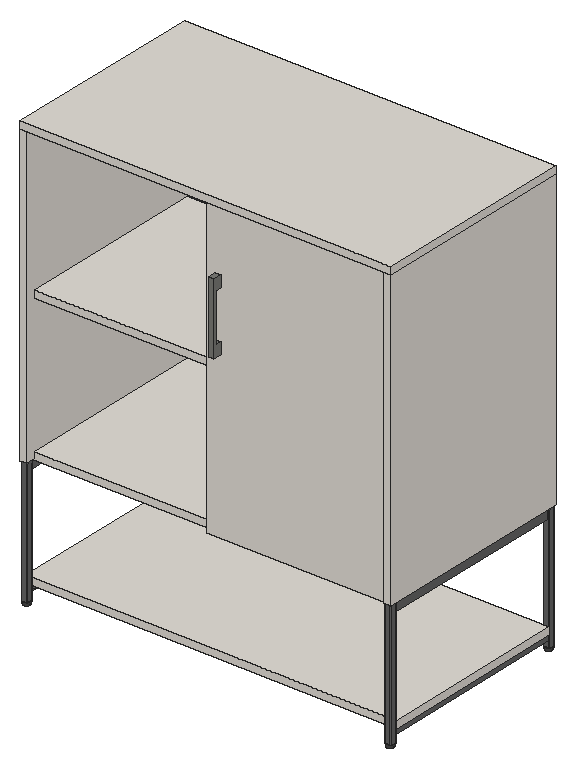
Revit family "Storage-Teknion-LWBOM_Byward_Open_Medium_Tower-R2022", category Furniture, Revit 2022 (continued)
Dimensions and locks (in)
  Sweep 15 sketch curve to Sweep 15 sketch curve to Sweep 15 sketch curve to plane 2 = 0.134" locked, 0.491" locked, 0.875" locked
  Sweep 16 sketch curve to Sweep 16 sketch curve to plane 2 = 0.134" locked, 1.366" locked
  plane 5 "Right" to Sweep 17 sketch curve to Sweep 17 sketch curve to Sweep 17 sketch curve to Sweep 17 sketch curve to Sweep 17 sketch curve = 0.216" locked, 0.134" locked, 0.100" locked, 0.000" locked, 2.266" locked
  Sweep 17 sketch curve to Sweep 17 sketch curve to Sweep 17 sketch curve to plane 2 = 0.134" locked, 0.491" locked, 0.875" locked
  Sweep 18 sketch curve to Sweep 18 sketch curve to plane 2 = 0.134" locked, 1.366" locked
  locked: Sweep 23 to curve 1  (x2)
  locked: curve 2 to Sweep 23 at 14.35625
  locked: plane 8 "Top" to Sweep 26 sketch curve at 0.6875
  locked: plane 8 "Top" to Sweep 25 sketch curve at 0.6875
  locked: Sweep 25 sketch curve to plane 2 at 12.5
  locked: Sweep 25 sketch curve to plane 5 "Right" at 0.6875
  locked: plane 6 "Back" to Sweep 19 sketch curve at 0.6875
  locked: plane 8 "Top" to Sweep 19 sketch curve at 0.6875
  locked: Sweep 19 sketch curve to plane 2 at 13.1875
  locked: plane 3 "Center Left/Right" to Sweep 19 sketch curve at 0.344
  locked: Sweep 19 sketch curve to plane 5 "Right" at 0.6875
  locked: plane 4 "Left" to Sweep 22 sketch curve at 0.6875
  locked: plane 8 "Top" to Sweep 22 sketch curve at 0.6875
  locked: Sweep 22 sketch curve to plane 2 at 12.5
  locked: plane 4 "Left" to Sweep 21 sketch curve at 0.688
  locked: Sweep 21 sketch curve to plane 5 "Right" at 0.6875
  locked: plane 7 "Front" to Sweep 21 sketch curve at 0.753
  locked: plane 6 "Back" to Sweep 14 sketch curve at 0.781
  locked: plane 7 "Front" to Sweep 14 sketch curve at 0.753
  Sweep 14 sketch curve to Sweep 14 sketch curve to plane 2 = 0.6875" locked, 1.500" locked
  locked: plane 7 "Front" to Sweep 10 sketch curve at 0.35606
  locked: Sweep 11 sketch curve to plane 6 "Back" at 0.42494
  locked: Sweep 1 sketch curve to plane 7 "Front" at 0.3549
  locked: plane 6 "Back" to Sweep 2 sketch curve at 0.4261
  locked: plane 7 "Front" to SweptBlend 13 sketch curve at 0.34897
  locked: SweptBlend 13 sketch curve to plane 2 at 0.25
  locked: Sweep 7 sketch curve to plane 1 "Center Front/Back" at 6.5932
  locked: plane 4 "Left" to Sweep 20 sketch curve at 0.688
  locked: Sweep 20 sketch curve to plane 5 "Right" at 0.6875
  locked: plane 6 "Back" to Sweep 20 sketch curve at 0.6875
  locked: plane 7 "Front" to Sweep 20 sketch curve at 0.82677
  Sweep 20 sketch curve to Sweep 20 sketch curve to plane 2 = 0.6875" locked, 26.5625" locked
  locked: SweptBlend 12 sketch curve to plane 6 "Back" at 0.43407
  locked: SweptBlend 12 sketch curve to plane 2 at 0.25
  locked: plane 7 "Front" to SweptBlend 4 sketch curve at 0.38635
  locked: plane 4 "Left" to SweptBlend 4 sketch curve at 0.3455
  locked: plane 4 "Left" to SweptBlend 4 sketch curve at 0.3464
  locked: plane 7 "Front" to SweptBlend 4 sketch curve at 0.38805
  locked: SweptBlend 4 sketch curve to plane 7 "Front" at 0.34781
  locked: SweptBlend 4 sketch curve to plane 2 at 0.25
  locked: plane 4 "Left" to SweptBlend 3 sketch curve at 0.33964
  locked: plane 6 "Back" to SweptBlend 3 sketch curve at 0.39473
  locked: plane 4 "Left" to SweptBlend 3 sketch curve at 0.34054
  locked: plane 6 "Back" to SweptBlend 3 sketch curve at 0.39499
  locked: SweptBlend 3 sketch curve to plane 2 at 0.25
  locked: plane 6 "Back" to SweptBlend 3 sketch curve at 0.43328
  locked: Sweep 8 sketch curve to plane 5 "Right" at 1.52269
  locked: Sweep 9 sketch curve to plane 5 "Right" at 1.26831
  locked: Sweep 17 sketch curve to plane 5 "Right" at 1.52269
  locked: plane 7 "Front" to Sweep 17 sketch curve at 0.589
  locked: plane 6 "Back" to Sweep 17 sketch curve at 0.617
  Sweep 18 sketch curve to Sweep 18 sketch curve to Sweep 18 sketch curve to plane 5 "Right" = 0.15195" locked, 1.97305" locked, 0.591" locked  (x2)
  locked: plane 7 "Front" to Sweep 18 sketch curve at 0.589
  locked: plane 6 "Back" to Sweep 18 sketch curve at 0.617
  locked: Sweep 18 sketch curve to plane 5 "Right" at 1.26831
  locked: Sweep 16 sketch curve to plane 4 "Left" at 1.27131
  plane 4 "Left" to Sweep 16 sketch curve to Sweep 16 sketch curve to Sweep 16 sketch curve = 0.594" locked, 1.97305" locked, 0.15195" locked  (x2)
  locked: plane 7 "Front" to Sweep 16 sketch curve at 0.589
  locked: plane 6 "Back" to Sweep 16 sketch curve at 0.617
  locked: plane 4 "Left" to Sweep 15 sketch curve at 1.52569
  locked: plane 6 "Back" to Sweep 15 sketch curve at 0.617
  locked: plane 7 "Front" to Sweep 15 sketch curve at 0.589
  locked: plane 4 "Left" to Sweep 5 sketch curve at 1.52569
  locked: plane 6 "Back" to Sweep 5 sketch curve at 0.617
  locked: plane 7 "Front" to Sweep 5 sketch curve at 0.589
  locked: Sweep 23 sketch curve to plane 4 "Left" at 0.7875
  locked: plane 8 "Top" to Sweep 23 sketch curve at 0.7875
  locked: Sweep 23 sketch curve to plane 2 at 12.5
  "Door Width": Sweep 23 sketch curve to plane 4 "Left"
  locked: plane 4 "Left" to Sweep 23 sketch curve at 7.156
  plane 7 "Front" to Sweep 23 sketch curve to Sweep 23 sketch curve = 0.07874" locked, 0.6875" locked
  locked: Sweep 24 sketch curve to plane 5 "Right" at 0.7875
  "Door Width": Sweep 24 sketch curve to plane 5 "Right"
  locked: Sweep 24 sketch curve to plane 2 at 12.5
  locked: plane 8 "Top" to Sweep 24 sketch curve at 0.7875
  locked: plane 6 "Back" to Sweep 8 sketch curve at 0.781
  locked: plane 7 "Front" to Sweep 8 sketch curve at 0.69016
  plane 11 to plane 5 "Right" = 7.7692"
  "Handle Dim 2": plane 9 to plane 4 "Left"
  plane 4 "Left" to plane 10 = 15.824"
  "Handle Dim 1": plane 12 to plane 5 "Right"
  locked: plane 9 to Sweep 30 sketch curve at 0.61155
  plane 8 "Top" to Sweep 30 sketch curve to Sweep 30 sketch curve = 6.500" locked, 7.000" locked
  plane 9 to Sweep 30 sketch curve to Sweep 30 sketch curve = 0.11155" locked, 0.500" locked
  locked: Sweep 30 sketch curve to plane 7 "Front" at 0.75
  plane 9 to Sweep 31 sketch curve to Sweep 31 sketch curve = 0.08016" locked, 0.462" locked
  locked: plane 9 to Sweep 31 sketch curve at 0.54809
  plane 8 "Top" to Sweep 31 sketch curve to Sweep 31 sketch curve = 7.67539" locked, 4.64921" locked
  plane 8 "Top" to Sweep 32 sketch curve to Sweep 32 sketch curve = 6.500" locked, 7.000" locked
  plane 8 "Top" to Sweep 33 sketch curve to Sweep 33 sketch curve = 7.67539" locked, 4.64921" locked
  plane 12 to Sweep 32 sketch curve to Sweep 32 sketch curve = 0.11187" locked, 0.500" locked
  locked: Sweep 32 sketch curve to plane 7 "Front" at 0.75
  plane 12 to Sweep 33 sketch curve to Sweep 33 sketch curve = 0.08031" locked, 0.462" locked
  locked: Sweep 33 sketch curve to plane 7 "Front" at 0.68226
  locked: Sweep 34 sketch curve to plane 7 "Front" at 1.39862
  plane 9 to Sweep 34 sketch curve to Sweep 34 sketch curve = 0.08878" locked, 0.47244" locked
  plane 8 "Top" to Sweep 34 sketch curve to Sweep 34 sketch curve = 6.24016" locked, 7.51969" locked
  Sweep 36 sketch curve to Sweep 36 sketch curve to plane 12 = 0.47244" locked, 0.08878" locked
  plane 8 "Top" to Sweep 36 sketch curve to Sweep 36 sketch curve = 6.24016" locked, 7.51969" locked
  locked: plane 9 to Sweep 34 sketch curve at 0.325
  plane 8 "Top" to Sweep 35 sketch curve to Sweep 35 sketch curve = 7.05138" locked, 5.89724" locked
  locked: plane 7 "Front" to Sweep 35 sketch curve at 1.02362
  plane 9 to Sweep 35 sketch curve to Sweep 35 sketch curve = 0.075" locked, 0.500" locked
  locked: Sweep 36 sketch curve to plane 12 at 0.325
  locked: Sweep 36 sketch curve to plane 7 "Front" at 1.39862
  plane 8 "Top" to Sweep 37 sketch curve to Sweep 37 sketch curve = 7.05138" locked, 5.89724" locked
  locked: plane 7 "Front" to Sweep 37 sketch curve at 1.02362
  Sweep 37 sketch curve to Sweep 37 sketch curve to plane 12 = 0.500" locked, 0.075" locked
  Sweep 27 sketch curve to plane 3 "Center Left/Right" to Sweep 27 sketch curve = 0.34375" locked, 0.34375" locked
  Sweep 29 sketch curve to plane 7 "Front" to Sweep 29 sketch curve = 0.71179" locked, 0.72521" locked
  plane 8 "Top" to Sweep 29 sketch curve to Sweep 29 sketch curve = 5.50559" locked, 8.98883" locked
  locked: plane 7 "Front" to Sweep 29 sketch curve at 0.01387
  plane 3 "Center Left/Right" to Sweep 29 sketch curve to Sweep 29 sketch curve = 0.059" locked, 0.16002" locked
  locked: plane 7 "Front" to Sweep 28 sketch curve at 0.01387
  Sweep 28 sketch curve to Sweep 28 sketch curve to plane 3 "Center Left/Right" = 0.16002" locked, 0.059" locked
  Sweep 28 sketch curve to plane 7 "Front" to Sweep 28 sketch curve = 0.72521" locked, 0.71179" locked
  plane 8 "Top" to Sweep 28 sketch curve to Sweep 28 sketch curve = 5.50559" locked, 8.98883" locked
  locked: Sweep 27 sketch curve to plane 6 "Back" at 0.6875
  locked: plane 8 "Top" to Sweep 27 sketch curve at 0.6875
  locked: Sweep 27 sketch curve to plane 2 at 13.1875
  locked: plane 7 "Front" to Sweep 27 sketch curve at 0.86524
  locked: Sweep 38 sketch curve to Sweep 38 sketch curve at 12.175
  Sweep 38 sketch curve to plane 3 "Center Left/Right" to Sweep 38 sketch curve = 0.3125" locked, 0.3125" locked
  plane 6 "Back" to Sweep 38 sketch curve to Sweep 38 sketch curve = 0.1705" locked, 0.625" locked
  locked: plane 6 "Back" to Sweep 7 sketch curve at 0.48254
  locked: SweptBlend 39 sketch curve to plane 2 at 0.25
  locked: plane 6 "Back" to SweptBlend 39 sketch curve at 0.52391
  locked: plane 6 "Back" to SweptBlend 39 sketch curve at 0.48342
  locked: plane 6 "Back" to SweptBlend 39 sketch curve at 0.48172
  locked: plane 6 "Back" to Sweep 40 sketch curve at 0.6875
  locked: Sweep 40 sketch curve to plane 4 "Left" at 0.6875
  locked: Sweep 40 sketch curve to plane 3 "Center Left/Right" at 0.344
  locked: Sweep 40 sketch curve to plane 2 at 13.1875
  locked: plane 8 "Top" to Sweep 40 sketch curve at 0.6875
  Sweep 41 sketch curve to Sweep 41 sketch curve to level = 0.060" locked, 12.440" locked
  Sweep 41 sketch curve to Sweep 41 sketch curve to plane 3 "Center Left/Right" to Sweep 41 sketch curve to Sweep 41 sketch curve = 0.66468" locked, 1.86786" locked, 1.86786" locked, 0.66468" locked
  plane 6 "Back" to Sweep 41 sketch curve to Sweep 41 sketch curve = 0.8555" locked, 1.20409" locked
  Sweep 42 sketch curve to Sweep 42 sketch curve to plane 3 "Center Left/Right" = 0.04243" locked, 2.53254" locked
  locked: plane 6 "Back" to Sweep 42 sketch curve at 3.12047
  plane 6 "Back" to Sweep 42 sketch curve to Sweep 42 sketch curve = 0.81671" locked, 2.32497" locked
  Sweep 42 sketch curve to Sweep 42 sketch curve to plane 2 = 0.313" locked, 12.187" locked
  Sweep 43 sketch curve to Sweep 43 sketch curve to plane 2 = 0.313" locked, 12.187" locked
  Sweep 43 sketch curve to Sweep 43 sketch curve to plane 6 "Back" = 2.32497" locked, 0.81671" locked
  plane 3 "Center Left/Right" to Sweep 43 sketch curve to Sweep 43 sketch curve = 2.53254" locked, 0.04243" locked
  locked: plane 6 "Back" to Sweep 43 sketch curve at 3.12047
  Sweep 44 sketch curve to Sweep 44 sketch curve to plane 2 = 0.940" locked, 11.500" locked
  Sweep 44 sketch curve to plane 3 "Center Left/Right" to Sweep 44 sketch curve = 0.250" locked, 0.250" locked
  plane 6 "Back" to Sweep 44 sketch curve to Sweep 44 sketch curve = 0.7955" locked, 0.060" locked
  Sweep 45 sketch curve to Sweep 45 sketch curve to plane 3 "Center Left/Right" = 0.04243" locked, 2.53254" locked
  plane 3 "Center Left/Right" to Sweep 46 sketch curve to Sweep 46 sketch curve = 2.53254" locked, 0.04243" locked
  Sweep 47 sketch curve to Sweep 47 sketch curve to plane 2 = 0.940" locked, 0.500" locked
  plane 6 "Back" to Sweep 45 sketch curve to Sweep 45 sketch curve = 0.81671" locked, 2.32497" locked
  locked: Sweep 45 sketch curve to plane 2 at 1.5
  locked: Sweep 45 sketch curve to plane 2 at 0.5
  locked: plane 6 "Back" to Sweep 45 sketch curve at 3.12047
  plane 6 "Back" to Sweep 47 sketch curve to Sweep 47 sketch curve = 0.7955" locked, 0.060" locked
  Sweep 47 sketch curve to plane 3 "Center Left/Right" to Sweep 47 sketch curve = 0.22515" locked, 0.22515" locked
  locked: plane 6 "Back" to Sweep 46 sketch curve at 3.12047
  Sweep 46 sketch curve to Sweep 46 sketch curve to plane 2 = 0.94278" locked, 0.49722" locked
  Sweep 46 sketch curve to Sweep 46 sketch curve to plane 6 "Back" = 2.30739" locked, 0.83429" locked
  Sweep 48 sketch curve to Sweep 48 sketch curve to plane 2 = 0.060" locked, 1.440" locked
  Sweep 48 sketch curve to Sweep 48 sketch curve to plane 3 "Center Left/Right" to Sweep 48 sketch curve to Sweep 48 sketch curve = 0.66468" locked, 1.86786" locked, 1.86786" locked, 0.66468" locked
  plane 6 "Back" to Sweep 48 sketch curve to Sweep 48 sketch curve = 0.8555" locked, 1.20409" locked
  locked: plane 8 "Top" to plane 13 "Handle Hori." at 9.14916
  aligned and locked: level to plane 2
  aligned and locked: Sweep 14 sketch curve to plane 4 "Left"
  aligned and locked: plane 5 "Right" to Sweep 14 sketch curve
  aligned and locked: Sweep 26 sketch curve to plane 1 "Center Front/Back"
  aligned and locked: plane 8 "Top" to Sweep 26 sketch curve
  aligned and locked: Sweep 26 sketch curve to plane 4 "Left"
  aligned and locked: Sweep 26 sketch curve to plane 7 "Front"
  aligned and locked: Sweep 26 sketch curve to plane 6 "Back"
  aligned and locked: plane 5 "Right" to Sweep 26 sketch curve
  aligned and locked: plane 7 "Front" to Sweep 25 sketch curve
  aligned and locked: plane 6 "Back" to Sweep 25 sketch curve
  aligned and locked: plane 1 "Center Front/Back" to Sweep 25 sketch curve
  aligned and locked: plane 5 "Right" to Sweep 25 sketch curve
  aligned and locked: Sweep 19 sketch curve to plane 3 "Center Left/Right"
  aligned and locked: plane 6 "Back" to Sweep 19 sketch curve
  aligned and locked: plane 1 "Center Front/Back" to Sweep 22 sketch curve
  aligned and locked: plane 4 "Left" to Sweep 22 sketch curve
  aligned and locked: Sweep 22 sketch curve to plane 6 "Back"
  aligned and locked: Sweep 22 sketch curve to plane 7 "Front"
  aligned and locked: Sweep 21 sketch curve to plane 6 "Back"
  aligned and locked: Sweep 14 sketch curve to plane 1 "Center Front/Back"
  aligned and locked: plane 2 to SweptBlend 13 sketch curve
  aligned and locked: plane 3 "Center Left/Right" to Sweep 20 sketch curve
  aligned and locked: plane 2 to SweptBlend 12 sketch curve
  aligned and locked: plane 2 to SweptBlend 4 sketch curve
  aligned and locked: plane 2 to SweptBlend 3 sketch curve
  aligned and locked: Sweep 30 sketch curve to plane 7 "Front"
  aligned and locked: plane 7 "Front" to Sweep 31 sketch curve
  aligned and locked: plane 12 to Sweep 32 sketch curve
  aligned and locked: plane 7 "Front" to Sweep 32 sketch curve
  aligned and locked: Sweep 33 sketch curve to plane 12
  aligned and locked: Sweep 33 sketch curve to plane 7 "Front"
  aligned and locked: plane 7 "Front" to Sweep 35 sketch curve
  aligned and locked: plane 7 "Front" to Sweep 34 sketch curve
  aligned and locked: Sweep 35 sketch curve to plane 7 "Front"
  aligned and locked: plane 7 "Front" to Sweep 36 sketch curve
  aligned and locked: Sweep 37 sketch curve to plane 7 "Front"
  aligned and locked: plane 7 "Front" to Sweep 37 sketch curve
  aligned and locked: plane 1 "Center Front/Back" to Sweep 27 sketch curve
  aligned and locked: Masking region 1 sketch curve to plane 6 "Back"
  aligned and locked: Masking region 1 sketch curve to Sweep 26  (x3)
  aligned and locked: Masking region 2 sketch curve to cut or joined group of Sweep 34, Sweep 35, Sweep 37  (x4)
  aligned and locked: Masking region 3 sketch curve to cut or joined group of Sweep 36, Sweep 37  (x4)
  aligned and locked: Masking region 4 sketch curve to cut or joined group of Sweep 30, Sweep 31, Sweep 37  (x4)
  aligned and locked: Masking region 5 sketch curve to cut or joined group of Sweep 32, Sweep 33  (x4)
  aligned and locked: Masking region 6 sketch curve to Sweep 28  (x4)
  aligned and locked: Masking region 7 sketch curve to Sweep 29  (x4)
  aligned and locked: Masking region 10 to Masking region 11 sketch curve
  aligned and locked: Masking region 12 sketch curve to Masking region 8  (x9)
  aligned and locked: nested 2 to plane 7 "Front"
  aligned and locked: nested 2 to Sweep 23  (x2)
  aligned and locked: plane 7 "Front" to nested 1
  aligned and locked: nested 1 to Sweep 24  (x2)
  aligned and locked: curve 9 to Sweep 24
  aligned and locked: plane 3 "Center Left/Right" to Sweep 7 sketch curve
  aligned and locked: plane 2 to SweptBlend 39 sketch curve
  aligned and locked: plane 3 "Center Left/Right" to SweptBlend 39 sketch curve  (x2)
  aligned and locked: Sweep 40 sketch curve to plane 3 "Center Left/Right"
  aligned and locked: plane 6 "Back" to Sweep 40 sketch curve
  aligned and locked: plane 3 "Center Left/Right" to Sweep 41 sketch curve
  aligned and locked: plane 3 "Center Left/Right" to Sweep 44 sketch curve
  aligned and locked: plane 3 "Center Left/Right" to Sweep 47 sketch curve
  aligned and locked: plane 3 "Center Left/Right" to Sweep 48 sketch curve
  aligned and locked: nested 3 to plane 7 "Front"
  aligned and locked: nested 3 to plane 12
  aligned and locked: nested 4 to plane 13 "Handle Hori."
  aligned and locked: nested 3 to plane 13 "Handle Hori."
  aligned and locked: nested 4 to plane 7 "Front"
  aligned and locked: nested 4 to plane 9
  aligned and locked: nested 5 to plane 12
  aligned and locked: plane 7 "Front" to nested 6
  aligned and locked: nested 5 to plane 7 "Front"
  aligned and locked: nested 6 to plane 9
  aligned and locked: plane 8 "Top" to nested 5
  aligned and locked: nested 6 to plane 8 "Top"
  aligned and locked: curve 13 to cut or joined group of Sweep 5, Sweep 6, Sweep 9
  aligned and locked: curve 14 to cut or joined group of Sweep 5, Sweep 6, Sweep 9
  aligned and locked: curve 15 to cut or joined group of Sweep 5, Sweep 6, Sweep 9
  aligned and locked: curve 16 to cut or joined group of Sweep 5, Sweep 6, Sweep 9
  aligned and locked: curve 17 to cut or joined group of Sweep 5, Sweep 6, Sweep 9
  aligned and locked: curve 18 to cut or joined group of Sweep 5, Sweep 6, Sweep 9
  aligned and locked: curve 19 to cut or joined group of Sweep 5, Sweep 6, Sweep 9
  aligned and locked: curve 20 to cut or joined group of Sweep 5, Sweep 6, Sweep 9
  aligned and locked: curve 22 to cut or joined group of Sweep 5, Sweep 6, Sweep 9
  aligned and locked: curve 23 to Sweep 7
  aligned and locked: curve 24 to Sweep 7
  aligned and locked: curve 25 to SweptBlend 3
  aligned and locked: curve 26 to SweptBlend 3
  aligned and locked: curve 27 to SweptBlend 3
  aligned and locked: curve 28 to SweptBlend 3
  aligned and locked: curve 29 to cut or joined group of Sweep 8, Sweep 9
  aligned and locked: curve 30 to cut or joined group of Sweep 17, Sweep 18
  aligned and locked: curve 31 to cut or joined group of Sweep 17, Sweep 18
  aligned and locked: curve 32 to cut or joined group of Sweep 17, Sweep 18
  aligned and locked: curve 33 to cut or joined group of Sweep 8, Sweep 9
  aligned and locked: curve 34 to cut or joined group of Sweep 8, Sweep 9
  aligned and locked: curve 35 to cut or joined group of Sweep 17, Sweep 18
  aligned and locked: curve 36 to cut or joined group of Sweep 8, Sweep 9
  aligned and locked: curve 37 to cut or joined group of Sweep 8, Sweep 9
  aligned and locked: curve 38 to cut or joined group of Sweep 8, Sweep 9
  aligned and locked: curve 39 to Sweep 7
  aligned and locked: curve 40 to Sweep 7
  aligned and locked: curve 41 to SweptBlend 12
  aligned and locked: curve 42 to SweptBlend 12
  aligned and locked: curve 43 to SweptBlend 12
  aligned and locked: curve 44 to SweptBlend 12
  aligned and locked: curve 45 to Sweep 7
  aligned and locked: curve 46 to Sweep 7
  aligned and locked: curve 47 to SweptBlend 13
  aligned and locked: curve 48 to SweptBlend 13
  aligned and locked: curve 49 to SweptBlend 13
  aligned and locked: curve 50 to SweptBlend 13
  aligned and locked: curve 51 to Sweep 7
  aligned and locked: curve 52 to Sweep 7
  aligned and locked: curve 53 to SweptBlend 4
  aligned and locked: curve 54 to SweptBlend 4
  aligned and locked: curve 55 to SweptBlend 4
  aligned and locked: curve 56 to SweptBlend 4
  aligned and locked: curve 61 to cut or joined group of Sweep 2, Sweep 6, Sweep 9
  aligned and locked: curve 62 to cut or joined group of Sweep 2, Sweep 6, Sweep 9
  aligned and locked: curve 63 to cut or joined group of Sweep 2, Sweep 6, Sweep 9
  aligned and locked: curve 64 to cut or joined group of Sweep 2, Sweep 6, Sweep 9
  aligned and locked: curve 66 to Sweep 11
  aligned and locked: curve 68 to Sweep 11
  aligned and locked: curve 70 to Sweep 11
  aligned and locked: curve 72 to Sweep 11
  aligned and locked: curve 74 to Sweep 10
  aligned and locked: curve 76 to Sweep 10
  aligned and locked: curve 78 to Sweep 10
  aligned and locked: curve 80 to Sweep 10
  aligned and locked: curve 85 to cut or joined group of Sweep 1, Sweep 6, Sweep 9
  aligned and locked: curve 86 to cut or joined group of Sweep 1, Sweep 6, Sweep 9
  aligned and locked: curve 87 to cut or joined group of Sweep 1, Sweep 6, Sweep 9
  aligned and locked: curve 88 to cut or joined group of Sweep 1, Sweep 6, Sweep 9
  aligned and locked: curve 89 to Sweep 22
  aligned and locked: curve 90 to Sweep 22
  aligned and locked: curve 91 to Sweep 22
  aligned and locked: curve 92 to Sweep 22
  aligned and locked: curve 93 to Sweep 25
  aligned and locked: curve 94 to Sweep 25
  aligned and locked: curve 95 to Sweep 25
  aligned and locked: curve 96 to Sweep 25
  aligned and locked: curve 97 to Sweep 27
  aligned and locked: curve 98 to Sweep 27
  aligned and locked: curve 99 to Sweep 27
  aligned and locked: curve 100 to Sweep 7
  aligned and locked: curve 101 to Sweep 7
  aligned and locked: curve 102 to SweptBlend 39
  aligned and locked: curve 103 to SweptBlend 39
  aligned and locked: curve 104 to SweptBlend 39
  aligned and locked: curve 105 to SweptBlend 39
  aligned and locked: curve 106 to Sweep 38
  aligned and locked: curve 107 to Sweep 38
  aligned and locked: curve 108 to Sweep 38
  aligned and locked: curve 109 to Sweep 38
  aligned and locked: curve 110 to Sweep 41
  aligned and locked: curve 111 to Sweep 41
  aligned and locked: curve 112 to Sweep 41
  aligned and locked: curve 113 to Sweep 41
  aligned and locked: curve 114 to Sweep 41
  aligned and locked: curve 115 to Sweep 41
  aligned and locked: curve 116 to Sweep 41
  aligned and locked: curve 117 to Sweep 41
  aligned and locked: curve 118 to Sweep 42
  aligned and locked: curve 119 to Sweep 43
  aligned and locked: curve 120 to Sweep 42
  aligned and locked: curve 121 to Sweep 43
  aligned and locked: curve 122 to Sweep 42
  aligned and locked: curve 123 to Sweep 43
  aligned and locked: curve 124 to Sweep 19
  aligned and locked: curve 125 to Sweep 40
  aligned and locked: curve 126 to Sweep 40
  aligned and locked: curve 127 to Sweep 19
  aligned and locked: curve 128 to Sweep 14
  aligned and locked: curve 129 to Sweep 14
  aligned and locked: curve 130 to Sweep 23
  aligned and locked: curve 131 to Sweep 23
  aligned and locked: curve 132 to Sweep 23
  aligned and locked: curve 133 to Sweep 23
  aligned and locked: curve 134 to Sweep 24
  aligned and locked: curve 135 to Sweep 24
  aligned and locked: curve 136 to Sweep 24
  aligned and locked: curve 137 to Sweep 24
  aligned and locked: plane 4 "Left" to nested 7
  aligned and locked: nested 7 to plane 6 "Back"
  aligned and locked: nested 9 to plane 5 "Right"
  aligned and locked: nested 9 to plane 6 "Back"
  aligned and locked: plane 7 "Front" to nested 10
  aligned and locked: nested 10 to plane 5 "Right"
  aligned and locked: plane 1 "Center Front/Back" to nested 8
  aligned and locked: plane 3 "Center Left/Right" to nested 8
  aligned and locked: plane 7 "Front" to nested 11
  aligned and locked: nested 11 to plane 4 "Left"
Automatic sketch dimensions
  plane 10 to curve 6 = 1.52817"
  plane 4 "Left" to curve 2 = 0.7875"
  curve 7 to plane 8 "Top" = 0.7875"
  plane 11 to curve 7 = 3.52664"
  plane 11 to curve 8 = 3.52664"
  plane 11 to curve 3 = 0.52664"
  plane 5 "Right" to curve 8 = 0.7875"
  curve 8 to curve 2 = 0.000"
  curve 6 to curve 1 = 0.000"
  curve 7 to curve 3 = 0.39375"
  plane 4 "Left" to Sweep 6 sketch curve = 1.27131"
  Sweep 16 sketch curve to Sweep 16 sketch curve = 0.100"  (x2)
  Sweep 16 sketch curve to Sweep 16 sketch curve = 0.94122"
  Sweep 16 sketch curve to Sweep 16 sketch curve = 0.22997"  (x2)
  Sweep 16 sketch curve to Sweep 16 sketch curve = 1.17119"
  Sweep 16 sketch curve to Sweep 16 sketch curve = 0.250"
  Sweep 16 sketch curve to Sweep 16 sketch curve = 0.000"
  Sweep 18 sketch curve to Sweep 18 sketch curve = 0.100"  (x2)
  Sweep 18 sketch curve to Sweep 18 sketch curve = 0.94122"
  Sweep 18 sketch curve to Sweep 18 sketch curve = 0.22997"  (x2)
  Sweep 18 sketch curve to Sweep 18 sketch curve = 1.17119"
  Sweep 18 sketch curve to Sweep 18 sketch curve = 0.250"  (x2)
  Sweep 18 sketch curve to Sweep 18 sketch curve = 0.000"  (x2)
  Sweep 21 sketch curve to plane 1 "Center Front/Back" = 0.000"
  level to Sweep 21 sketch curve = 12.500"
  Sweep 21 sketch curve to Sweep 21 sketch curve = 0.6875"
  plane 11 to Sweep 24 sketch curve = 0.05814"
  Sweep 24 sketch curve to plane 7 "Front" = 0.07874"
  Sweep 24 sketch curve to Sweep 24 sketch curve = 0.6875"
  profile plane to Sweep 28 sketch curve = 0.40599"
  profile plane to Sweep 28 sketch curve = 0.40597"
  Sweep 28 sketch curve to Sweep 28 sketch curve = 0.31972"  (x2)
  profile plane to Sweep 29 sketch curve = 0.40599"
  profile plane to Sweep 29 sketch curve = 0.40597"
  Sweep 29 sketch curve to Sweep 29 sketch curve = 0.31972"  (x2)
  profile plane to Sweep 30 sketch curve = 0.50655"
  Sweep 30 sketch curve to profile plane = 0.00655"
  Sweep 31 sketch curve to profile plane = 0.000"
  Sweep 31 sketch curve to profile plane = 0.0626"
  Sweep 31 sketch curve to Sweep 31 sketch curve = 0.02972"
  Sweep 31 sketch curve to Sweep 31 sketch curve = 0.55562"
  profile plane to Sweep 32 sketch curve = 0.61842"
  profile plane to Sweep 32 sketch curve = 0.10533"
  Sweep 33 sketch curve to Sweep 33 sketch curve = 0.40533"
  Sweep 33 sketch curve to Sweep 33 sketch curve = 0.0626"
  Sweep 33 sketch curve to Sweep 33 sketch curve = 0.02972"
  profile plane to Sweep 34 sketch curve = 0.07877"  (x2)
  Sweep 34 sketch curve to profile plane = 0.07877"  (x2)
  Sweep 35 sketch curve to Sweep 35 sketch curve = 0.29012"  (x2)
  Sweep 35 sketch curve to Sweep 35 sketch curve = 0.0128"  (x2)
  profile plane to Sweep 36 sketch curve = 0.07877"  (x2)
  Sweep 36 sketch curve to profile plane = 0.07877"  (x2)
  Sweep 37 sketch curve to Sweep 37 sketch curve = 0.29012"  (x2)
  Sweep 37 sketch curve to Sweep 37 sketch curve = 0.0128"  (x2)
  Masking region 8 sketch curve to Masking region 8 sketch curve = 0.1385"
  plane 7 "Front" to Masking region 8 sketch curve = 0.00137"
  Masking region 8 sketch curve to Masking region 8 sketch curve = 0.00247"
  Masking region 8 sketch curve to Masking region 8 sketch curve = 0.00176"
  plane 7 "Front" to Masking region 8 sketch curve = 0.33553"
  Masking region 8 sketch curve to Masking region 8 sketch curve = 0.13943"
  plane 7 "Front" to Masking region 9 sketch curve = 0.85843"
  Masking region 10 sketch curve to Masking region 10 sketch curve = 0.85843"
  Masking region 11 sketch curve to Masking region 11 sketch curve = 0.53423"
  Sweep 38 sketch curve to plane 6 "Back" = 0.50344"
  level to Sweep 38 sketch curve = 0.325"
  profile plane to Sweep 41 sketch curve = 0.22515"
  profile plane to Sweep 41 sketch curve = 0.09988"
  Sweep 41 sketch curve to profile plane = 0.09988"
  Sweep 41 sketch curve to profile plane = 0.22515"
  Sweep 42 sketch curve to Sweep 42 sketch curve = 0.04243"
  Sweep 42 sketch curve to profile plane = 0.000"
  profile plane to Sweep 42 sketch curve = 3.250"
  Sweep 42 sketch curve to Sweep 42 sketch curve = 0.038"
  level to Sweep 42 sketch curve = 11.500"
  Sweep 42 sketch curve to Sweep 42 sketch curve = 0.687"
  Sweep 42 sketch curve to Sweep 42 sketch curve = 0.313"
  Sweep 43 sketch curve to Sweep 43 sketch curve = 0.04243"
  Sweep 43 sketch curve to profile plane = 0.000"
  Sweep 43 sketch curve to profile plane = 3.250"
  Sweep 43 sketch curve to Sweep 43 sketch curve = 0.038"
  Sweep 43 sketch curve to Sweep 43 sketch curve = 0.687"
  Sweep 44 sketch curve to Sweep 44 sketch curve = 0.02485"  (x2)
  curve 7 to plane 8 "Top" = 15.14375"
  level to curve 5 = 12.500"
  curve 2 to plane 3 "Center Left/Right" = 0.059"
  Sweep 45 sketch curve to Sweep 45 sketch curve = 0.04243"
  Sweep 46 sketch curve to Sweep 46 sketch curve = 0.04243"
  Sweep 45 sketch curve to profile plane = 0.000"
  Sweep 45 sketch curve to Sweep 45 sketch curve = 0.038"
  Sweep 45 sketch curve to Sweep 45 sketch curve = 0.313"
  Sweep 47 sketch curve to Sweep 47 sketch curve = 0.02485"  (x2)
  Sweep 46 sketch curve to profile plane = 0.000"
  Sweep 46 sketch curve to profile plane = 3.26315"
  Sweep 46 sketch curve to Sweep 46 sketch curve = 0.68978"
  Sweep 48 sketch curve to profile plane = 0.22515"
  Sweep 48 sketch curve to profile plane = 0.09988"
  profile plane to Sweep 48 sketch curve = 0.09988"
  profile plane to Sweep 48 sketch curve = 0.22515"
  plane 7 "Front" to Masking region 8 sketch curve = 0.33575"
  Masking region 8 sketch curve to plane 7 "Front" = 0.00227"
  Masking region 11 sketch curve to plane 10 = 0.101"
  Masking region 11 sketch curve to plane 9 = 0.500"
  plane 7 "Front" to Masking region 10 sketch curve = 0.000"
  Masking region 10 sketch curve to plane 10 = 0.101"
  Masking region 10 sketch curve to plane 9 = 0.500"
  plane 7 "Front" to Masking region 9 sketch curve = 0.000"
  plane 12 to Masking region 9 sketch curve = 0.500"
  Masking region 9 sketch curve to plane 12 = 0.500"
  plane 12 to Masking region 8 sketch curve = 0.66123"
  Masking region 8 sketch curve to Masking region 8 sketch curve = 0.00927"
  Masking region 8 sketch curve to plane 12 = 0.5117"
  Masking region 8 sketch curve to plane 7 "Front" = 0.00199"
  Masking region 8 sketch curve to Masking region 8 sketch curve = 0.0106"
  curve 16 to plane 6 "Back" = 1.56281"
  curve 21 to plane 7 "Front" = 1.53481"
  curve 11 to plane 7 "Front" = 0.07874"
  curve 18 to curve 11 = 5.57683"
  plane 11 to curve 11 = 0.52664"
  curve 33 to plane 6 "Back" = 1.56281"
  curve 32 to curve 30 = 0.225"
  curve 10 to plane 5 "Right" = 2.2125"
  curve 36 to curve 29 = 0.22539"
  curve 115 to curve 122 = 0.01757"
  curve 123 to curve 114 = 0.01757"
  curve 124 to plane 6 "Back" = 0.000"
  curve 125 to plane 6 "Back" = 0.000"
  curve 12 to curve 11 = 0.000"
  plane 11 to curve 12 = 0.52664"
  curve 133 to curve 20 = 0.04776"
  curve 137 to curve 9 = 0.000"
  radius of SweptBlend 3 sketch curve = 0.336"
  radius of SweptBlend 3 sketch curve = 0.376"
  radius of SweptBlend 4 sketch curve = 0.336"
  radius of SweptBlend 4 sketch curve = 0.376"
  radius of Sweep 7 sketch curve = 0.12489"  (x4)
  radius of Sweep 7 sketch curve = 0.12498"
  radius of SweptBlend 12 sketch curve = 0.336"
  radius of SweptBlend 12 sketch curve = 0.376"
  radius of SweptBlend 13 sketch curve = 0.33598"
  radius of SweptBlend 13 sketch curve = 0.37442"
  radius of SweptBlend 39 sketch curve = 0.336"
  radius of SweptBlend 39 sketch curve = 0.376"
Nested families (in)
  nested 1: "Door-Swing_Symbol-Teknion-2D" at (7.85782, -6.48732, 0), visible <- "Right Door Visibility", type "Standard"
    with Swing Width 17.1535", Door Thickness 0.688"
  nested 2: "Door-Swing_Symbol-Teknion-2D" at (-9.41368, -6.48732, 0) x (-1, 0, 0) z (0, 0, 1), visible <- "Left Door Visibility", type "Standard"
    with Swing Width 17.1535", Door Thickness 0.688"
  nested 3: "Byward Pull Handle" at (0.79707, -6.48732, -30.14916), visible <- "Right Byward Pull Handle", Handle Leather Finish <- "Handle Leather Finish", Handle Paint Finish <- "Metal Leg  & Handle Finish", type "Byward Pull"
    with To render please download texture images found here "https://assets.teknion.com/web/5e81352c1dfdb467/revit-material-swatches/", How To Use Teknion Materials User Guide "https://assets.teknion.com/m/205dd0a49fa58060/original/How-to-add-a-Material-Library-and-Texture-Images-to-your-Revit-project.pdf", Handle Paint Finish Paint - Teknion - Mica - Anthracite, Handle Leather Finish Leather-Teknion-B72-Black, For Additional Finishes please visit "https://assets.teknion.com/m/44a8009b046e5d47/original/Teknion_Materials_Library.zip"
  nested 4: "Byward Pull Handle" at (-2.35293, -6.48732, -30.14916) x (-1, 0, 0) z (0, 0, 1), visible <- "Left Byward Pull Handle", Handle Leather Finish <- "Handle Leather Finish", Handle Paint Finish <- "Metal Leg  & Handle Finish", type "Byward Pull"
    with To render please download texture images found here "https://assets.teknion.com/web/5e81352c1dfdb467/revit-material-swatches/", How To Use Teknion Materials User Guide "https://assets.teknion.com/m/205dd0a49fa58060/original/How-to-add-a-Material-Library-and-Texture-Images-to-your-Revit-project.pdf", Handle Paint Finish Paint - Teknion - Mica - Anthracite, Handle Leather Finish Leather-Teknion-B72-Black, For Additional Finishes please visit "https://assets.teknion.com/m/44a8009b046e5d47/original/Teknion_Materials_Library.zip"
  nested 5: "Accessories-Teknion-Byward_Handle-R2018" at (0.79707, -6.91653, -7), Handle Leather Finish <- "Handle Leather Finish", Handle Paint Finish <- "Metal Leg  & Handle Finish", visible <- "Right Byward Tab Handle", type "Byward Handle"
    with To render please download texture images found here "https://assets.teknion.com/web/5e81352c1dfdb467/revit-material-swatches/", How To Use Teknion Materials User Guide "https://assets.teknion.com/m/205dd0a49fa58060/original/How-to-add-a-Material-Library-and-Texture-Images-to-your-Revit-project.pdf", Handle Paint Finish Paint - Teknion - Mica - Anthracite, Handle Leather Finish Leather-Teknion-B72-Black, For Additional Finishes please visit "https://assets.teknion.com/m/44a8009b046e5d47/original/Teknion_Materials_Library.zip"
  nested 6: "Accessories-Teknion-Byward_Handle-R2018" at (-2.35293, -6.91653, -7) x (-1, 0, 0) z (0, 0, 1), visible <- "Left Byward Tab Handle", Handle Leather Finish <- "Handle Leather Finish", Handle Paint Finish <- "Metal Leg  & Handle Finish", type "Byward Handle"
    with To render please download texture images found here "https://assets.teknion.com/web/5e81352c1dfdb467/revit-material-swatches/", How To Use Teknion Materials User Guide "https://assets.teknion.com/m/205dd0a49fa58060/original/How-to-add-a-Material-Library-and-Texture-Images-to-your-Revit-project.pdf", Handle Paint Finish Paint - Teknion - Mica - Anthracite, Handle Leather Finish Leather-Teknion-B72-Black, For Additional Finishes please visit "https://assets.teknion.com/m/44a8009b046e5d47/original/Teknion_Materials_Library.zip"
  nested 7: "Teknion_2D_Node_Family-R2021" at (-18.77793, 13.51268, 0), type "Teknion_2D_Node_Family-R2021"
  nested 8: "Teknion_2D_Node_Family-R2021" at (-0.77793, 3.51268, 0), type "Teknion_2D_Node_Family-R2021"
  nested 9: "Teknion_2D_Node_Family-R2021" at (17.22207, 13.51268, 0), type "Teknion_2D_Node_Family-R2021"
  nested 10: "Teknion_2D_Node_Family-R2021" at (17.22207, -6.48732, 0), type "Teknion_2D_Node_Family-R2021"
  nested 11: "Teknion_2D_Node_Family-R2021" at (-18.77793, -6.48732, 0), type "Teknion_2D_Node_Family-R2021"
Definition of nested family "Byward Pull Handle"
  Parameters (values of type "Byward Pull")
    Width = 0.000"
    Warranty = "http://www.teknion.com/ca/papers/legal-canada"
    Unit Weight URL = "http://www.teknion.com/ca/tools/assets#&asset=bee6a381-b954-425e-8283-5a2de3a804f2,f828d448-4b62-4231-9e5f-9a8991c0ed77"
    URL = "www.teknion.com"
    To render please download texture images found here [instance] = "https://assets.teknion.com/web/5e81352c1dfdb467/revit-material-swatches/"
    Sustainability Data = "https://www.teknion.com/ca/tools/assets#&topic=216f99a5-57a0-44fc-b10a-9dee9b29ae4c&asset=444deb64-fe58-4b68-981e-f75e97781df7,b4ff2d81-9f2e-437d-9659-7cffb09c31cf"
    Series = ""
    Product Page URL = ""
    Product Line = ""
    Product Documentation Link = ""
    Part Number = ""
    Model = "1"
    Manufacturer Phone = "416-661-3370"  # constant formula
    Manufacturer Fax = "416.661.4586"  # constant formula
    Manufacturer Contact Information = "http://www.teknion.com/ca/contactus"
    Manufacturer Address = "1150 Flint Road, Toronto, ON. M3J 2J5. Canada"  # constant formula
    Manufacturer = "Teknion"  # constant formula
    Length = 0.000"
    How To Use Teknion Materials User Guide [instance] = "https://assets.teknion.com/m/205dd0a49fa58060/original/How-to-add-a-Material-Library-and-Texture-Images-to-your-Revit-project.pdf"
    Height = 63.000"
    Handle Paint Finish [instance] = none
    Handle Leather Finish [instance] = none
    For Additional Finishes please visit [instance] = "https://assets.teknion.com/m/44a8009b046e5d47/original/Teknion_Materials_Library.zip"
    Depth = 0.000"
    Default Elevation = 0.000"
    Byward Pull Handle = yes
    Assembly Code = "E2020200"
  Reference planes (in)
    plane 1 "Center Front/Back": y = 0
    plane 2: z = 0
    plane 3 "Center Left/Right": x = 0
    plane 4 "Left": x = -51
    plane 5 "Right": x = 51
    plane 6 "Back": y = 41.78173
    plane 7 "Front": y = -41.78173
    plane 8 "Top": z = 63
  Forms (in)
    Sweep 1, solid, material <- "Handle Leather Finish", visible <- "Byward Pull Handle"
      path origin (-23.441, 20.8797, 44.30147) x (0, -1, 0) y (1, 0, 0)
        loop
          line (3, 22.941) -> (3, 23.941)
      profile origin (0, 17.8797, 44.30147) x (0, 1, 0) y (0, 0, 1)
        loop
          line (-18.1947, 15.89549) -> (-18.1947, 15.19814)
          arc (-18.1947, 15.19814) -> (-18.15679, 15.10663) -> (-18.06527, 15.06872) r 0.12943
          line (-18.06527, 15.06872) -> (-18.00913, 15.06872)
          arc (-18.00913, 15.06872) -> (-17.91544, 15.10879) -> (-17.8797, 15.20421) r 0.12956
          line (-17.8797, 15.20421) -> (-17.8797, 15.89549) -> (-17.97813, 15.89549) -> (-17.97813, 15.19814)
          arc (-17.97813, 15.19814) -> (-17.9872, 15.17622) -> (-18.00913, 15.16714) r 0.031
          line (-18.00913, 15.16714) -> (-18.06527, 15.16714)
          arc (-18.06527, 15.16714) -> (-18.0872, 15.17622) -> (-18.09627, 15.19814) r 0.031
          line (-18.09627, 15.19814) -> (-18.09627, 15.89549) -> (-18.11823, 16.46083)
          spline (-18.11823, 16.46083) -> (-18.1996, 17.12545) -> (-18.24784, 17.53202) -> (-18.27391, 17.78142) -> (-18.2887, 17.97395) -> (-18.29939, 18.17376) -> (-18.30725, 18.38749) -> (-18.31302, 18.61667) -> (-18.3155, 18.87083) -> (-18.3067, 19.18701) -> (-18.27717, 19.60814) -> (-18.2175, 20.17714) -> (-18.11823, 20.93695)
          line (-18.11823, 20.93695) -> (-18.0967, 21.50033) -> (-18.0967, 22.1985)
          arc (-18.0967, 22.1985) -> (-18.0875, 22.22072) -> (-18.06527, 22.22992) r 0.03143
          line (-18.06527, 22.22992) -> (-18.00913, 22.22992)
          arc (-18.00913, 22.22992) -> (-17.9869, 22.22072) -> (-17.9777, 22.1985) r 0.03143
          line (-17.9777, 22.1985) -> (-17.9777, 21.50158) -> (-17.8797, 21.50158) -> (-17.8797, 22.18392)
          arc (-17.8797, 22.18392) -> (-17.91216, 22.28504) -> (-18.00913, 22.32835) r 0.1302
          line (-18.00913, 22.32835) -> (-18.06527, 22.32835)
          arc (-18.06527, 22.32835) -> (-18.16224, 22.28504) -> (-18.1947, 22.18392) r 0.1302
          line (-18.1947, 22.18392) -> (-18.1947, 21.51146) -> (-18.21666, 20.93695)
          spline (-18.21666, 20.93695) -> (-18.31592, 20.17714) -> (-18.3756, 19.60814) -> (-18.40512, 19.18701) -> (-18.41393, 18.87083) -> (-18.41145, 18.61667) -> (-18.40567, 18.38749) -> (-18.39782, 18.17376) -> (-18.38713, 17.97395) -> (-18.37234, 17.78142) -> (-18.34627, 17.53202) -> (-18.29802, 17.12545) -> (-18.21666, 16.46083)
          line (-18.21666, 16.46083) -> (-18.1947, 15.89549)
    Sweep 2, solid, material <- "Handle Paint Finish", visible <- "Byward Pull Handle"
      path origin (-23.441, 14.77998, 43.51407) x (1, 0, 0) y (0, 1, 0)
        loop
          line (22.941, -14.77998) -> (22.941, -15.09525) -> (23.941, -15.09525) -> (23.941, -14.77998)
      profile origin (0, -0.31528, 43.51407) x (0, 1, 0) y (0, 0, 1)
        loop
          spline (-0.15539, 22.88984) -> (-0.15002, 22.84517) -> (-0.14562, 22.80093) -> (-0.1422, 22.75711) -> (-0.13975, 22.71372) -> (-0.13828, 22.67076) -> (-0.1378, 22.62822) -> (-0.13828, 22.58611) -> (-0.13975, 22.54443) -> (-0.1422, 22.50318) -> (-0.14562, 22.46235) -> (-0.15002, 22.42195) -> (-0.15539, 22.38198)
          line (-0.15539, 22.38198) -> (-0.09815, 22.38048) -> (-0.09815, 22.30226) -> (-0.02024, 22.30022) -> (-0.02024, 22.97161) -> (-0.09815, 22.96957) -> (-0.09815, 22.89134) -> (-0.15539, 22.88984)
        loop
          spline (-0.15539, 16.59107) -> (-0.15002, 16.5464) -> (-0.14562, 16.50215) -> (-0.1422, 16.45834) -> (-0.13975, 16.41495) -> (-0.13828, 16.37198) -> (-0.1378, 16.32945) -> (-0.13828, 16.28734) -> (-0.13975, 16.24566) -> (-0.1422, 16.20441) -> (-0.14562, 16.16358) -> (-0.15002, 16.12318) -> (-0.15539, 16.08321)
          line (-0.15539, 16.08321) -> (-0.09815, 16.08171) -> (-0.09815, 16.00349) -> (-0.02024, 16.00145) -> (-0.02024, 16.67284) -> (-0.09815, 16.6708) -> (-0.09815, 16.59257) -> (-0.15539, 16.59107)
  Lines and regions (in)
    Masking region 1
      outline origin (-1.575, 0, 0) x (1, 0, 0) y (0, 1, 0)
        loop
          line (1.075, -0.53423) -> (2.075, -0.53423) -> (2.075, 0.00078) -> (1.075, 0.00078) -> (1.075, -0.53423)
    Masking region 2
      outline origin (-1.575, 0, 0) x (1, 0, 0) y (0, 1, 0)
        loop
          line (0.91961, -0.47067) -> (2.23039, -0.47067) -> (2.23039, 0) -> (2.09524, 0) -> (2.09524, -0.33552) -> (1.05476, -0.33552) -> (1.05476, 0) -> (0.91961, 0) -> (0.91961, -0.47067)
    symbolic lines, detail levels medium+fine
      curve 1: line (-0.5, -0.098, 0) -> (0.5, -0.098, 0)
      curve 2: line (0.5, -0.217, 0) -> (-0.5, -0.217, 0)
      curve 3: line (0.5, -0.23853, 0) -> (-0.5, -0.23853, 0)
      curve 4: line (-0.5, -0.315, 0) -> (0.5, -0.315, 0)
      curve 5: line (-0.59815, 0, 0) -> (-0.59815, -0.41343, 0)
      curve 6: line (0.59815, -0.41343, 0) -> (0.59815, 0, 0)
      curve 7: line (-0.59815, -0.41343, 0) -> (0.59815, -0.41343, 0)
      curve 8: line (-0.65539, -0.47067, 0) -> (-0.52024, -0.33552, 0)
      curve 9: line (-0.52024, -0.33552, 0) -> (0.52024, -0.33552, 0)
      curve 10: line (0.52024, -0.33552, 0) -> (0.65539, -0.47067, 0)
  Dimensions and locks (in)
    plane 4 "Left" to plane 5 "Right" = 102.000"
    plane 6 "Back" to plane 7 "Front" = 83.56345"
    "Height": plane 8 "Top" to level
    locked: Sweep 1 sketch curve to Sweep 1 sketch curve at 1
    Sweep 2 sketch curve to Sweep 2 sketch curve to Sweep 2 sketch curve = 0.31528", 0.000" locked
    locked: Sweep 2 sketch curve to Sweep 2 sketch curve at 1
    Sweep 1 sketch curve to Sweep 1 sketch curve to Sweep 1 sketch curve to Sweep 1 sketch curve to Sweep 1 sketch curve to Sweep 1 sketch curve to Sweep 1 sketch curve to Sweep 1 sketch curve to Sweep 1 sketch curve to Sweep 1 sketch curve = 0.000" locked, 0.098" locked, 0.00043" locked, 0.11815" locked, 0.00043" locked, 0.02153", 0.07647" locked, 0.000" locked, 0.02196" locked
    Sweep 1 sketch curve to Sweep 1 sketch curve to Sweep 1 sketch curve to Sweep 1 sketch curve to Sweep 1 sketch curve to Sweep 1 sketch curve = 0.09843" locked, 0.72835" locked, 5.60609" locked, 0.72835" locked, 0.09843" locked
    Sweep 2 sketch curve to Sweep 2 sketch curve to Sweep 2 sketch curve to Sweep 2 sketch curve to Sweep 2 sketch curve to Sweep 2 sketch curve to Sweep 2 sketch curve to Sweep 2 sketch curve = 0.000" locked, 0.05725" locked, 0.000" locked, 0.000" locked, 0.000" locked, 0.07791" locked, 0.000" locked
    Sweep 2 sketch curve to Sweep 2 sketch curve to Sweep 2 sketch curve to Sweep 2 sketch curve to Sweep 2 sketch curve to Sweep 2 sketch curve to Sweep 2 sketch curve to Sweep 2 sketch curve = 0.08026" locked, 0.51086" locked, 0.08026" locked, 5.62738" locked, 0.08026" locked, 0.51086" locked, 0.08026" locked
    aligned and locked: level to plane 2
  Automatic sketch dimensions
    plane 3 "Center Left/Right" to Sweep 1 sketch curve = 0.500"
    Sweep 1 sketch curve to plane 1 "Center Front/Back" = 17.8797"
    Sweep 1 sketch curve to Sweep 1 sketch curve = 0.000"  (x9)
    profile plane to Sweep 1 sketch curve = 18.21666"
    Sweep 1 sketch curve to Sweep 1 sketch curve = 0.031"  (x2)
    Sweep 1 sketch curve to Sweep 1 sketch curve = 0.03143"  (x2)
    profile plane to Sweep 1 sketch curve = 15.06872"
    Sweep 1 sketch curve to Sweep 1 sketch curve = 0.00014"
    Sweep 1 sketch curve to Sweep 1 sketch curve = 0.56534"
    Sweep 1 sketch curve to Sweep 1 sketch curve = 0.56462"
    Sweep 1 sketch curve to Sweep 1 sketch curve = 0.00124"
    Sweep 1 sketch curve to Sweep 1 sketch curve = 0.01112"
    Sweep 1 sketch curve to Sweep 1 sketch curve = 0.01457"  (x2)
    Sweep 2 sketch curve to plane 3 "Center Left/Right" = 0.500"
    plane 1 "Center Front/Back" to Sweep 2 sketch curve = 0.31528"
    profile plane to Sweep 2 sketch curve = 0.15539"
    profile plane to Sweep 2 sketch curve = 16.00145"
    Sweep 2 sketch curve to Sweep 2 sketch curve = 0.00204"  (x4)
    Sweep 2 sketch curve to Sweep 2 sketch curve = 0.0015"  (x4)
    Masking region 1 sketch curve to plane 1 "Center Front/Back" = 0.00078"
    Masking region 1 sketch curve to plane 3 "Center Left/Right" = 0.500"
    Masking region 1 sketch curve to Masking region 1 sketch curve = 1.000"
    plane 1 "Center Front/Back" to Masking region 1 sketch curve = 0.53423"
    Masking region 2 sketch curve to plane 1 "Center Front/Back" = 0.000"  (x2)
    Masking region 2 sketch curve to plane 3 "Center Left/Right" = 0.65539"
    plane 1 "Center Front/Back" to Masking region 2 sketch curve = 0.47067"
    Masking region 2 sketch curve to Masking region 2 sketch curve = 1.31079"
    Masking region 2 sketch curve to Masking region 2 sketch curve = 0.13515"  (x3)
    curve 5 to plane 1 "Center Front/Back" = 0.000"
    curve 6 to plane 1 "Center Front/Back" = 0.000"
    curve 7 to plane 3 "Center Left/Right" = 0.59815"
    curve 5 to curve 9 = 0.07791"  (x2)
    curve 8 to curve 6 = 1.11839"
    curve 8 to curve 5 = 0.05725"  (x2)
    curve 8 to curve 4 = 0.02024"
    curve 3 to curve 4 = 0.000"
    curve 2 to curve 3 = 0.000"
    curve 1 to curve 2 = 0.000"  (x2)
    curve 2 to curve 6 = 0.09815"
    curve 4 to curve 2 = 0.000"
    curve 3 to curve 2 = 0.000"
    plane 1 "Center Front/Back" to curve 10 = 0.33552"
    curve 4 to curve 10 = 0.02024"
    plane 1 "Center Front/Back" to curve 10 = 0.47067"
    curve 6 to curve 10 = 0.05725"
    curve 8 to curve 4 = 0.02052"
    curve 4 to curve 3 = 0.07647"
    curve 3 to curve 2 = 0.02153"
    plane 1 "Center Front/Back" to curve 1 = 0.098"
Definition of nested family "Accessories-Teknion-Byward_Handle-R2018"
  Parameters (values of type "Byward Handle")
    Warranty = "http://www.teknion.com/ca/papers/legal-canada"
    Unit Weight URL = "http://www.teknion.com/ca/tools/assets#&asset=bee6a381-b954-425e-8283-5a2de3a804f2,f828d448-4b62-4231-9e5f-9a8991c0ed77"
    URL = "www.teknion.com"
    To render please download texture images found here [instance] = "https://assets.teknion.com/web/5e81352c1dfdb467/revit-material-swatches/"
    Sustainability Data = "https://www.teknion.com/ca/tools/assets#&topic=216f99a5-57a0-44fc-b10a-9dee9b29ae4c&asset=444deb64-fe58-4b68-981e-f75e97781df7,b4ff2d81-9f2e-437d-9659-7cffb09c31cf"
    Series = "Litewood"  # constant formula
    Product Page URL = "https://www.teknion.com/ca/products/all-products"
    Product Line = "Litewood"  # constant formula
    Product Documentation Link = "https://assets.teknion.com/m/2907dbaaaca18007/original/Byward-Reference-Guide.pdf"
    Model = "Byward Handle"
    Manufacturer Phone = "416-661-3370"  # constant formula
    Manufacturer Fax = "416.661.4586"  # constant formula
    Manufacturer Contact Information = "http://www.teknion.com/ca/contactus"
    Manufacturer Address = "1150 Flint Road, Toronto, ON. M3J 2J5. Canada"  # constant formula
    Manufacturer = "Teknion"  # constant formula
    Left Door Single Handle = yes
    How To Use Teknion Materials User Guide [instance] = "https://assets.teknion.com/m/205dd0a49fa58060/original/How-to-add-a-Material-Library-and-Texture-Images-to-your-Revit-project.pdf"
    Handle Paint Finish [instance] = none
    Handle Leather Finish [instance] = none
    For Additional Finishes please visit [instance] = "https://assets.teknion.com/m/44a8009b046e5d47/original/Teknion_Materials_Library.zip"
    Description = "Byward Handle"
    Default Elevation = 0.000"
    Assembly Code = "E2020200"
  Reference planes (in)
    plane 1 "Center Front/Back": y = 0
    plane 2: z = 0
    plane 3 "Center Left/Right": x = 0
    plane 4 "Left": x = -0.65705
    plane 5 "Right": x = 0.65705
    plane 6 "Back": y = 0.42921
    plane 7 "Front": y = -0.42921
    plane 8 "Top": z = 49
  Forms (in)
    Sweep 1, solid, material <- "Handle Leather Finish"
      path origin (-4.63018, 6.91771, 22.03026) x (1, 0, 0) y (0, 1, 0)
        loop
          line (4.13018, -7.1032) -> (5.13018, -7.1032)
      profile origin (0, -0.18549, 22.03026) x (0, 1, 0) y (0, 0, 1)
        loop
          line (0.50628, 21.27357) -> (0.40785, 21.27357) -> (0.40785, 18.95074)
          arc (0.40785, 18.95074) -> (0.13124, 18.67413) -> (-0.14537, 18.95074) r 0.27661
          arc (-0.14537, 18.95074) -> (-0.09403, 19.31656) -> (0.05602, 19.65413) r 1.32907
          arc (0.05602, 19.65413) -> (0.11752, 19.74156) -> (0.17522, 19.83156) r 2.49364
          arc (0.17522, 19.83156) -> (0.34133, 20.21237) -> (0.39785, 20.62397) r 1.51654
          line (0.39785, 20.62397) -> (0.39785, 21.32131)
          arc (0.39785, 21.32131) -> (0.40693, 21.34323) -> (0.42885, 21.35231) r 0.031
          line (0.42885, 21.35231) -> (0.48528, 21.35231)
          arc (0.48528, 21.35231) -> (0.5072, 21.34323) -> (0.51628, 21.32131) r 0.031
          line (0.51628, 21.32131) -> (0.51628, 20.62417) -> (0.6147, 20.62417) -> (0.6147, 21.34457)
          arc (0.6147, 21.34457) -> (0.56823, 21.41989) -> (0.48528, 21.45074) r 0.13618
          line (0.48528, 21.45074) -> (0.42885, 21.45074)
          arc (0.42885, 21.45074) -> (0.33734, 21.41283) -> (0.29943, 21.32131) r 0.12943
          line (0.29943, 21.32131) -> (0.29943, 20.62387)
          arc (0.29943, 20.62387) -> (0.23415, 20.19986) -> (0.04434, 19.81512) r 1.40962
          arc (0.04434, 19.81512) -> (-0.11062, 19.54129) -> (-0.21043, 19.2429) r 1.63968
          arc (-0.21043, 19.2429) -> (-0.23537, 19.09776) -> (-0.24372, 18.95074) r 1.29857
          arc (-0.24372, 18.95074) -> (0.13128, 18.57574) -> (0.50628, 18.95074) r 0.375
          line (0.50628, 18.95074) -> (0.50628, 21.27357)
    Sweep 2, solid, material <- "Handle Paint Finish"
      path origin (-4.63018, 7.42921, 22.03026) x (1, 0, 0) y (0, 0, 1)
        loop
          line (4.63018, 21.35231) -> (4.63018, 20.66385)
      profile origin (0, 7.42921, 43.03834) x (0, -1, 0) y (1, 0, 0)
        loop
          line (7, -0.65705) -> (7.39036, -0.64265)
          arc (7.39036, -0.64265) -> (7.44292, -0.62039) -> (7.46737, -0.56882) r 0.08022
          line (7.46737, -0.56882) -> (7.46737, 0.56882)
          arc (7.46737, 0.56882) -> (7.44292, 0.62039) -> (7.39036, 0.64265) r 0.08022
          line (7.39036, 0.64265) -> (7, 0.65705) -> (7, -0.65705)
  Lines and regions (in)
    Masking region 1, visible <- "Left Door Single Handle"
      outline origin (-4.63308, 6.91771, 0) x (1, 0, 0) y (0, 1, 0)
        loop
          line (4.13018, -7.34692) -> (5.13018, -7.34692) -> (5.13018, -6.95587) -> (4.13018, -6.95587) -> (4.13018, -7.34692)
    Masking region 2, visible <- "Left Door Single Handle"
      outline origin (-4.63308, 6.91771, 0) x (1, 0, 0) y (0, 1, 0)
        loop
          line (3.97312, -6.4885) -> (3.98752, -6.87886)
          arc (3.98752, -6.87886) -> (4.00978, -6.93142) -> (4.06135, -6.95587) r 0.08022
          line (4.06135, -6.95587) -> (5.199, -6.95587)
          arc (5.199, -6.95587) -> (5.25057, -6.93142) -> (5.27283, -6.87886) r 0.08022
          line (5.27283, -6.87886) -> (5.28723, -6.4885) -> (3.97312, -6.4885)
  Dimensions and locks (in)
    plane 4 "Left" to plane 5 "Right" = 1.3141"
    plane 6 "Back" to plane 7 "Front" = 0.85843"
    plane 8 "Top" to level = 49.000"
    locked: Sweep 1 sketch curve to Sweep 1 sketch curve at 1
    Sweep 2 sketch curve to Sweep 2 sketch curve to Sweep 2 sketch curve to Sweep 2 sketch curve to Sweep 2 sketch curve to Sweep 2 sketch curve = 0.0144" locked, 0.08016" locked, 1.12498" locked, 0.08016" locked, 0.0144" locked
    Sweep 2 sketch curve to Sweep 2 sketch curve to Sweep 2 sketch curve = 0.07997" locked, 0.000" locked
    aligned and locked: level to plane 2
Definition of nested family "Door-Swing_Symbol-Teknion-2D"
  Parameters (values of type "Standard")
    Swing Width [instance] = 26.000"
    Door Thickness [instance] = 2.000"
    Assembly Code = ""
  Reference planes (in)
    plane 1 "Center (Front/Back)": y = 0
    plane 2: z = 0
    plane 3 "Center (Left/Right)": x = 0
    plane 4: x = -13
    plane 5: x = 13
  Lines and regions (in)
    Masking region 1, in view "Ref. Level"
      outline origin (0, 0, 0) x (1, 0, 0) y (0, 1, 0)
        loop
          line (11, 0) -> (11, -26) -> (13, -26) -> (13, 0) -> (11, 0)
    detail lines, in view "Ref. Level"
      curve 1: line (13, 0, 0) -> (13, -26, 0)
      curve 2: arc (-13, 0, 0) -> (-5.38478, -18.38478, 0) -> (13, -26, 0) r 26
  Dimensions and locks (in)
    equal spacing: plane 4, plane 3 "Center (Left/Right)", plane 5
    "Swing Width": plane 4 to plane 5
    "Swing Width": curve 1 to plane 1 "Center (Front/Back)"
    "Swing Width": Masking region 1 sketch curve to Masking region 1 sketch curve
    "Door Thickness": Masking region 1 sketch curve to Masking region 1 sketch curve
    "Swing Width": radius of curve 2
    aligned and locked: plane 1 "Center (Front/Back)" to curve 1
    aligned and locked: plane 1 "Center (Front/Back)" to Masking region 1 sketch curve
    aligned and locked: Masking region 1 sketch curve to plane 5
  Automatic sketch dimensions
    curve 2 to plane 4 = 0.000"
Definition of nested family "Teknion_2D_Node_Family-R2021"
  Reference planes (in)
    plane 1 "Center (Front/Back)": y = 0
    plane 2: z = 0
    plane 3 "Center (Left/Right)": x = 0
  Lines and regions (in)
    detail lines, in view "Ref. Level"
      curve 1: circle (0, 0, 0) r 1.25 normal (0, 0, 1)
      curve 2: line (1.91508, -1.91508, 0) -> (-1.91508, 1.91508, 0)
      curve 3: line (-1.91508, -1.91508, 0) -> (1.91508, 1.91508, 0)
Types (3): name | Right Rectangular Pull Handle | Rectangular Pull Handle | Width | Right Door Visibility | Right Door Single Handle | Right Door Double Handle | OC | Modern Straight (ADA) Handle | Model | Left Modern Straight (ADA) Handle | Left Door Visibility | Left Door Single Handle | Left Door Double Handle | Handle Leather Finish | Handle Dim 2 | Handle Dim 1 | Door Width | Description | Case Finish | CO
  (no name) | yes | yes | 36.000" | yes | yes | yes | yes | no | "LWBOMOC42_____" | no | no | no | no | Leather-Teknion-B72-Black | 16.425" | 16.425" | 17.941" | "Byward Open Medium Tower, Left Open, Right Closed" | Source Laminate - Teknion - XS - Storm White | no
  Left Closed, Right Open | no | no | 30.000" | no | no | no | no | yes | "LWBOMCO42_____" | yes | yes | yes | yes | Leather-Teknion-N68-Natural | 13.425" | 13.425" | 14.941" | "Byward Open Medium Tower, Left Closed, Right Open" | Veneer-Teknion-5U-Flintwood-Raw_Umber (Long Grain) | yes
  Left Open, Right Closed | yes | yes | 36.000" | yes | yes | yes | yes | no | "LWBOMOC42_____" | no | no | no | no | Leather-Teknion-B72-Black | 16.425" | 16.425" | 17.941" | "Byward Open Medium Tower, Left Open, Right Closed" | Source Laminate - Teknion - XS - Storm White | no
